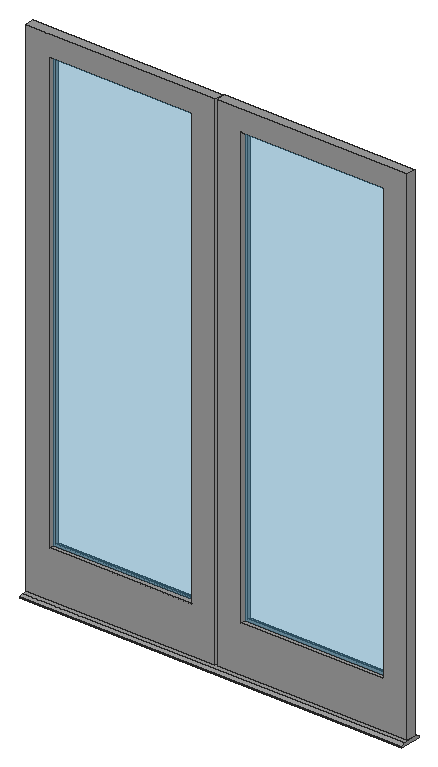
Revit family "ArmorDefend-Entrance-GearHinge-Pairs_Eng", category Curtain Panels, Revit 2017
Family settings
  OmniClass Number = 23.25.20.14.11.11.17
  OmniClass Title = Infill Panels
  Always vertical = Yes
  Cut with Voids When Loaded = No
  Shared = No
Parameters
  Width [instance] = 6' - 2"
  Wide Stile Entrance [instance] = not(Medium Stile Entrance)  # no
  URL = "obe.com"
  Rough Width [instance] = 6' - 0"
  Offset [instance] = 0' - 0"
  Model = "AO DOOR"
  Min Panel Width [instance] = if(Rough Width > 5' 11 255/256", Rough Width, 6' 0")  # 6' - 0"
  Medium Stile Entrance [instance] = yes
  Manufacturer = "Oldcastle BuildingEnvelope®"
  Keynote = "08 11 00"
  Height [instance] = 8' - 0"
  Glass Material = Glass
  Frame Material = Aluminum
  Door Panel Height [instance] = Height + 0' 0 1/2"  # 8' - 0 1/2"
  Description = "ArmorOne Medium/Wide Stile Entrance  - 7/16\" Infill"
  Assembly Code = "B2030"
  Analytic Construction = "<None>"
  8 Bottom Rail [instance] = yes
  10 Bottom Rail [instance] = not([8 Bottom Rail])  # no
Reference planes (in)
  plane 1 "Front": y = 0
  plane 2: z = 0
  plane 3 "Center (Left/Right)": x = 0
  plane 4 "Left": x = -37
  plane 5 "Right": x = 37
  plane 6 "Top": z = 96
  plane 7: x = -36
  plane 8: x = 36
Text (in)
  text "Exterior" at (-54.29358, 31.38743, 0), in view "Ref. Level"
  text "Exterior" at (480, 41.53993, 89.60405), in view "Right"
  text "Exterior" at (-240, 57.82419, 105.78864), in view "Left"
Dimensions and locks (in)
  equal spacing: plane 4 "Left", plane 3 "Center (Left/Right)", plane 5 "Right"
  "Width": plane 4 "Left" to plane 5 "Right"
  "Height": plane 6 "Top" to plane 2
  equal spacing: plane 7, plane 3 "Center (Left/Right)", plane 8
  "Min Panel Width": plane 7 to plane 8
  aligned and locked: level to plane 2
  aligned and locked: plane 3 "Center (Left/Right)" to nested 1
  aligned and locked: plane 1 "Front" to nested 1
Nested families (in)
  nested 1: "Double Door-Panel" at (0, -16, 0), Frame Material <- "Frame Material", Glass Material <- "Glass Material", 8 Bottom Rail <- "8 Bottom Rail", Width <- "Min Panel Width", Height <- "Door Panel Height", Offset <- "Offset", Medium Stile Entrance <- "Medium Stile Entrance", type "ArmorDefend Entrance-Double-1-Panel"
    with Wing Width 3' - 0", built-in parameter 1001301 6' - 0", Wide Stile Entrance no, Pushbar Height 3' - 5 1/4", Offset 0' - 0", Medium Stile Entrance yes, built-in parameter 1001300 8' - 0 1/2", Glass Material Glass, Frame Material Aluminum, Edge of meeting stiles 0' - 4 1/32", Edge of door panel 0' - 4 1/16", Bottom Rail 0' - 8 59/64", 8 Bottom Rail yes, 10 Bottom Rail no
Definition of nested family "Double Door-Panel"
  Parameters (values of type "MS-375 DOOR-Double-1-Panel")
    Wing Width [instance] = Width / 2  # 2' - 6"
    Width [instance] = 5' - 0"
    Wide Stile Entrance [instance] = not(Medium Stile Entrance)  # no
    Offset [instance] = 0' - 11.1405"
    Medium Stile Entrance [instance] = yes
    Height [instance] = 8' - 0"
    Pushbar Height [instance] = 3' - 5 1/4"  # constant formula
    Glass Material [instance] = none
    Frame Material [instance] = none
    Edge of meeting stiles [instance] = if(Medium Stile Entrance, 0' 4 1/32", if(Wide Stile Entrance, 0' 5 9/32", 0' 4 1/32"))  # 0' - 4 1/32"
    Edge of door panel [instance] = if(Medium Stile Entrance, 0' 4 1/16", if(Wide Stile Entrance, 0' 5 5/16", 0' 4 1/16"))  # 0' - 4 1/16"
    Bottom Rail [instance] = if([8 Bottom Rail], 0' 8 59/64", 0' 10 59/64")  # 0' - 8 59/64"
    Analytic Construction = "<None>"
    10 Bottom Rail [instance] = not([8 Bottom Rail])  # no
    8 Bottom Rail [instance] = yes
  Reference planes (in)
    plane 1 "00": y = 4.125
    plane 2: z = 0
    plane 3 "Center (Left/Right)": x = 0
    plane 4: z = 96
    plane 5: x = -30
    plane 6: x = 30
    plane 7 "Center (Front/Back)": y = 16
    plane 8 "Exterior": y = 4.5625
    plane 9: z = 48
    plane 10: z = 8.92187
    plane 11: z = 92.125
    plane 12: z = 0
    plane 13 "Offset": y = 4.8595
  Forms (in)
    Sweep 1, solid, material <- "Frame Material"
      path origin (0, 4.125, 0) x (1, 0, 0) y (0, 0, 1)
        loop
          line (-29.79555, 96) -> (-0.22004, 96)
      profile origin (-15.00779, 4.125, 96) x (0, 0, 1) y (0, -1, 0)
        loop
          line (-0.625, -0.672) -> (-0.625, 1.078) -> (-2.87093, 1.078) -> (-4.437, 1.078) -> (-4.437, 0.215) -> (-3.84375, 0.215) -> (-3.84375, -0.215) -> (-4.625, -0.215) -> (-4.625, -0.672) -> (-2.87093, -0.672) -> (-0.625, -0.672)
    Sweep 2, solid, material <- "Frame Material"
      path origin (0, 4.125, 0) x (1, 0, 0) y (0, 0, 1)
        loop
          line (-0.22004, 0) -> (-29.79555, 0)
      profile origin (-15.00779, 4.125, 0) x (0, 0, -1) y (0, -1, 0)
        loop
          line (-4.94906, -0.672) -> (-0.6875, -0.672) -> (-0.6875, 1.078) -> (-4.94906, 1.078) -> (-9.49949, 1.078) -> (-9.49949, 0.215) -> (-8.92187, 0.215) -> (-8.92187, -0.215) -> (-9.68749, -0.215) -> (-9.68749, -0.672) -> (-4.94906, -0.672)
    Sweep 3, solid, material <- "Frame Material"
      path origin (0, 4.125, 0) x (1, 0, 0) y (0, 0, 1)
        loop
          line (29.24042, 95.375) -> (29.24042, 0.6875)
      profile origin (29.24042, 4.125, 48.03125) x (0, -1, 0) y (1, 0, 0)
        loop
          line (-0.672, 0.55758) -> (-0.672, -1.45435) -> (-0.672, -4.08417) -> (-0.21513, -4.08417) -> (-0.21513, -3.30292) -> (0.215, -3.30292) -> (0.215, -3.89617) -> (1.078, -3.89617) -> (1.078, -1.45435) -> (1.078, 0.55683) -> (-0.672, 0.66583) -> (-0.672, 0.55758)
    Sweep 4, solid, material <- "Frame Material"
      path origin (0, 4.125, 0) x (1, 0, 0) y (0, 0, 1)
        loop
          line (-29.25, 95.375) -> (-29.25, 0.6875)
      profile origin (-29.25, 4.125, 48.03125) x (0, -1, 0) y (1, 0, 0)
        loop
          line (-0.672, -0.65455) -> (1.078, -0.54555) -> (1.078, 1.46393) -> (1.078, 3.90575) -> (0.215, 3.90575) -> (0.215, 3.3125) -> (-0.215, 3.3125) -> (-0.215, 4.09375) -> (-0.672, 4.09375) -> (-0.672, 1.46393) -> (-0.672, -0.65455)
    Sweep 5, solid, material <- "Frame Material"
      path origin (0, 4.125, 0) x (1, 0, 0) y (0, 0, 1)
        loop
          line (0, 95.375) -> (0, 0.6875)
      profile origin (0, 4.125, 48.03125) x (0, -1, 0) y (1, 0, 0)
        loop
          line (-0.672, -0.17438) -> (-0.672, -2.18343) -> (-0.672, -4.8125) -> (-0.21513, -4.8125) -> (-0.21513, -4.03125) -> (0.215, -4.03125) -> (0.215, -4.6245) -> (1.078, -4.6245) -> (1.078, -2.18343) -> (1.078, -0.22063)
          arc (1.078, -0.22063) -> (0.20714, -0.04083) -> (-0.672, -0.17438) r 2.52255
        loop
          arc (-0.672, 0.22063) -> (0.2073, 0.08458) -> (1.078, 0.26781) r 2.47882
          line (1.078, 0.26781) -> (1.078, 2.18343) -> (1.078, 4.6245) -> (0.215, 4.6245) -> (0.215, 4.03125) -> (-0.21513, 4.03125) -> (-0.21513, 4.8125) -> (-0.672, 4.8125) -> (-0.672, 2.18343) -> (-0.672, 0.22063)
    Sweep 6, solid, material <- "Frame Material"
      path origin (0, 4.125, 0) x (1, 0, 0) y (0, 0, 1)
        loop
          line (0.22004, 96) -> (29.79725, 96)
      profile origin (15.00864, 4.125, 96) x (0, 0, 1) y (0, -1, 0)
        loop
          line (-0.625, -0.672) -> (-0.625, 1.078) -> (-2.77706, 1.078) -> (-4.46825, 1.078) -> (-4.46825, 0.215) -> (-3.875, 0.215) -> (-3.875, -0.215) -> (-4.65625, -0.215) -> (-4.65625, -0.672) -> (-2.77706, -0.672) -> (-0.625, -0.672)
    Sweep 7, solid, material <- "Frame Material"
      path origin (0, 4.125, 0) x (1, 0, 0) y (0, 0, 1)
        loop
          line (29.79725, 0) -> (0.22004, 0)
      profile origin (15.00864, 4.125, 0) x (0, 0, -1) y (0, -1, 0)
        loop
          line (-3.49593, -0.672) -> (-0.6875, -0.672) -> (-0.6875, 1.078) -> (-3.49593, 1.078) -> (-9.49949, 1.078) -> (-9.49949, 0.215) -> (-8.92187, 0.215) -> (-8.92187, -0.215) -> (-9.68749, -0.215) -> (-9.68749, -0.672) -> (-3.49593, -0.672)
    Extrusion 8, solid, material <- "Glass Material", detail levels coarse
      sketch origin (0, 0, 0) x (1, 0, 0) y (0, 1, 0)
        loop
          line (4.03125, 4.34) -> (4.03125, 3.91) -> (25.9375, 3.91) -> (25.9375, 4.34) -> (4.03125, 4.34)
      from 92.125 to 8.92188
    Extrusion 9, solid, material <- "Glass Material", detail levels medium+fine
      sketch origin (0, 0, 0) x (1, 0, 0) y (0, 1, 0)
        loop
          line (4.03125, 3.91) -> (25.9375, 3.91) -> (25.9375, 4.035) -> (4.03125, 4.035) -> (4.03125, 3.91)
        loop
          line (25.9375, 4.34) -> (4.03125, 4.34) -> (4.03125, 4.215) -> (25.9375, 4.215) -> (25.9375, 4.34)
      from 8.92188 to 92.125
    Extrusion 10, solid, material <- "Glass Material", detail levels medium+fine
      sketch origin (0, 0, 0) x (1, 0, 0) y (0, 1, 0)
        loop
          line (-25.9375, 3.91) -> (-4.03125, 3.91) -> (-4.03125, 4.035) -> (-25.9375, 4.035) -> (-25.9375, 3.91)
        loop
          line (-4.03125, 4.34) -> (-25.9375, 4.34) -> (-25.9375, 4.215) -> (-4.03125, 4.215) -> (-4.03125, 4.34)
      from 8.92188 to 92.125
    Extrusion 11, solid, material <- "Glass Material", detail levels coarse
      sketch origin (0, 0, 0) x (1, 0, 0) y (0, 1, 0)
        loop
          line (-25.9375, 4.34) -> (-25.9375, 3.91) -> (-4.03125, 3.91) -> (-4.03125, 4.34) -> (-25.9375, 4.34)
      from 8.92188 to 92.125
    Sweep 12, solid, material <- "Frame Material"
      path origin (0, 4.8595, 0) x (1, 0, 0) y (0, 0, 1)
        loop
          line (-29.798, 0) -> (29.798, 0)
      profile origin (0, 4.8595, 0) x (0, 0, 1) y (0, -1, 0)
        loop
          line (0.5, 2.46847) -> (0.19362, 3.1255) -> (0, 3.1255) -> (0, -0.8745) -> (0.19362, -0.8745) -> (0.5, -0.21747) -> (0.5, 2.46847)
  Cuts and joins
    joined: Sweep 1, Sweep 2, Sweep 3, Sweep 4, Sweep 5, Sweep 6, Sweep 7
  Lines and regions (in)
    model lines
      curve 1: line (4.5625, 4.5625, 91.84375) -> (25.9375, 4.5625, 48.02216)
      curve 2: line (25.9375, 4.5625, 48.02216) -> (4.6245, 4.5625, 9.20312)
      curve 3: line (-4.8125, 4.5625, 91.84375) -> (-25.407, 4.5625, 48)
      curve 4: line (-25.407, 4.5625, 48) -> (-4.8125, 4.5625, 9.20312)
  Dimensions and locks (in)
    "Height": plane 4 to level
    equal spacing: plane 5, plane 3 "Center (Left/Right)", plane 6
    "Width": plane 5 to plane 6
    plane 1 "00" to plane 8 "Exterior" to plane 13 "Offset" = 0' - 0 7/16" locked, 0' - 0.297" locked
    equal spacing: level, plane 9, plane 4
    locked: plane 3 "Center (Left/Right)" to Sweep 2 sketch curve at 0.22004
    locked: Sweep 3 sketch curve to plane 4 at 0.625
    locked: Sweep 4 sketch curve to plane 4 at 0.625
    locked: plane 3 "Center (Left/Right)" to Sweep 1 sketch curve at 0.22004
    locked: Sweep 6 sketch curve to plane 3 "Center (Left/Right)" at 0.22004
    locked: Sweep 7 sketch curve to plane 3 "Center (Left/Right)" at 0.22004
    locked: Sweep 5 sketch curve to plane 4 at 0.625
    "Bottom Rail": plane 10 to plane 2
    locked: Sweep 7 sketch curve to plane 10 at 0.57761
    locked: Sweep 7 sketch curve to plane 10 at 0.76561
    locked: Sweep 2 sketch curve to plane 10 at 0.57761
    locked: Sweep 2 sketch curve to plane 10 at 0.76561
    equal spacing: plane 4, plane 9, plane 12
    locked: plane 11 to Sweep 6 sketch curve at 0.59325
    locked: plane 11 to Sweep 6 sketch curve at 0.78125
    locked: plane 4 to plane 11 at 3.875
    Extrusion 10 sketch curve to Extrusion 10 sketch curve to plane 1 "00" to Extrusion 10 sketch curve to Extrusion 10 sketch curve = 0' - 0 1/8" locked, 0' - 0.09" locked, 0' - 0.09" locked, 0' - 0 1/8" locked
    Extrusion 11 sketch curve to plane 1 "00" to Extrusion 11 sketch curve = 0' - 0.215" locked, 0' - 0.215" locked
    Extrusion 9 sketch curve to Extrusion 9 sketch curve to plane 1 "00" to Extrusion 9 sketch curve to Extrusion 9 sketch curve = 0' - 0 1/8" locked, 0' - 0.09" locked, 0' - 0.09" locked, 0' - 0 1/8" locked
    Extrusion 8 sketch curve to plane 1 "00" to Extrusion 8 sketch curve = 0' - 0.215" locked, 0' - 0.215" locked
    "Offset": plane 13 "Offset" to plane 7 "Center (Front/Back)"
    nested 1 to plane 1 "00" = 0' - 0 1/16"
    locked: plane 6 to Sweep 12 sketch curve at 0.202
    locked: Sweep 12 sketch curve to plane 5 at 0.202
    locked: Sweep 4 sketch curve to plane 12 at 0.6875
    locked: Sweep 5 sketch curve to plane 12 at 0.6875
    locked: Sweep 3 sketch curve to plane 12 at 0.6875
    nested 3 to plane 13 "Offset" = 0' - 0.797"
    "Edge of door panel": plane 5 to Sweep 4 sketch curve
    Sweep 4 sketch curve to Sweep 4 sketch curve to Sweep 4 sketch curve = 0' - 0.59325" locked, 0' - 0.188" locked
    "Edge of door panel": Sweep 3 sketch curve to plane 6
    Sweep 3 sketch curve to Sweep 3 sketch curve to Sweep 3 sketch curve = 0' - 0.188" locked, 0' - 0.59325" locked
    "Edge of meeting stiles": Sweep 5 sketch curve to plane 3 "Center (Left/Right)"
    "Edge of meeting stiles": plane 3 "Center (Left/Right)" to Sweep 5 sketch curve
    Sweep 5 sketch curve to Sweep 5 sketch curve to Sweep 5 sketch curve = 0' - 0.188" locked, 0' - 0.59325" locked
    Sweep 5 sketch curve to Sweep 5 sketch curve to Sweep 5 sketch curve = 0' - 0.59325" locked, 0' - 0.188" locked
    Sweep 4 sketch curve to Sweep 4 sketch curve to Sweep 4 sketch curve to Sweep 4 sketch curve to plane 13 "Offset" = 0' - 0.863" locked, 0' - 0.43" locked, 0' - 0.457" locked, 0' - 0 1/16" locked
    Sweep 5 sketch curve to Sweep 5 sketch curve to Sweep 5 sketch curve to Sweep 5 sketch curve to plane 13 "Offset" = 0' - 0.863" locked, 0' - 0.43012" locked, 0' - 0.45687" locked, 0' - 0 1/16" locked  (x2)
    Sweep 3 sketch curve to Sweep 3 sketch curve to Sweep 3 sketch curve to Sweep 3 sketch curve to plane 13 "Offset" = 0' - 0.863" locked, 0' - 0.43012" locked, 0' - 0.45687" locked, 0' - 0 1/16" locked
    locked: nested 3 to plane 1 "00" at 0.0625
    locked: nested 1 to plane 1 "00" at 0.0625
    aligned and locked: plane 2 to level
    aligned and locked: plane 3 "Center (Left/Right)" to nested 1
    aligned and locked: Sweep 1 sketch curve to plane 4
    aligned and locked: Sweep 2 sketch curve to level
    aligned and locked: level to nested 2
    aligned and locked: nested 2 to plane 1 "00"
    aligned and locked: plane 3 "Center (Left/Right)" to Sweep 5 sketch curve
    aligned and locked: Sweep 7 sketch curve to level
    aligned and locked: plane 4 to Sweep 6 sketch curve
    aligned and locked: Extrusion 10 to plane 10
    aligned and locked: Extrusion 11 to plane 10
    aligned and locked: Extrusion 9 to plane 10
    aligned and locked: Extrusion 8 to plane 10
    aligned and locked: plane 9 to curve 3
    aligned and locked: Sweep 12 sketch curve to plane 12
    aligned and locked: plane 3 "Center (Left/Right)" to nested 3
    aligned and locked: Sweep 7 sketch curve to plane 10
    aligned and locked: Extrusion 9 to Sweep 3  (x2)
    aligned and locked: Extrusion 9 to Sweep 5  (x2)
    aligned and locked: Extrusion 8 to Sweep 5
    aligned and locked: Extrusion 8 to Sweep 3
    aligned and locked: Extrusion 10 to Sweep 5  (x2)
    aligned and locked: Extrusion 10 to Sweep 4  (x2)
    aligned and locked: Extrusion 11 to Sweep 5
    aligned and locked: Extrusion 11 to Sweep 4
    aligned and locked: plane 11 to Extrusion 11
    aligned and locked: plane 11 to Extrusion 10
    aligned and locked: plane 11 to Sweep 6 sketch curve
    aligned and locked: plane 11 to Extrusion 9
    aligned and locked: plane 11 to Extrusion 8
  Automatic sketch dimensions
    plane 3 "Center (Left/Right)" to Extrusion 8 sketch curve = 0' - 4 1/32"
    plane 3 "Center (Left/Right)" to Extrusion 9 sketch curve = 0' - 4 1/32"
    Extrusion 9 sketch curve to Extrusion 9 sketch curve = 0' - 0"  (x2)
    Extrusion 10 sketch curve to Extrusion 10 sketch curve = 0' - 0"  (x2)
    Extrusion 10 sketch curve to plane 3 "Center (Left/Right)" = 0' - 4 1/32"
    Extrusion 11 sketch curve to plane 3 "Center (Left/Right)" = 0' - 4 1/32"
    plane 5 to Sweep 1 sketch curve = 0' - 0.20445"
    plane 5 to Sweep 2 sketch curve = 0' - 0.20445"
    Sweep 3 sketch curve to plane 6 = 0' - 0.75958"
    plane 5 to Sweep 4 sketch curve = 0' - 0 3/4"
    Sweep 6 sketch curve to plane 6 = 0' - 0.20275"
    Sweep 7 sketch curve to plane 6 = 0' - 0.20275"
    Extrusion 8 sketch curve to plane 6 = 0' - 4 1/16"
    Extrusion 9 sketch curve to plane 6 = 0' - 4 1/16"
    plane 5 to Extrusion 10 sketch curve = 0' - 4 1/16"
    plane 5 to Extrusion 11 sketch curve = 0' - 4 1/16"
    plane 5 to curve 3 = 0' - 4.593"
    plane 9 to curve 2 = 0' - 0.02216"
    curve 1 to plane 11 = 0' - 0 9/32"
    plane 3 "Center (Left/Right)" to curve 1 = 0' - 4 9/16"
    plane 10 to curve 4 = 0' - 0 9/32"
    plane 10 to curve 2 = 0' - 0 9/32"
    curve 3 to plane 11 = 0' - 0 9/32"
    curve 4 to plane 3 "Center (Left/Right)" = 0' - 4 13/16"
    curve 3 to plane 3 "Center (Left/Right)" = 0' - 4 13/16"
    plane 3 "Center (Left/Right)" to curve 2 = 0' - 4.6245"
    curve 2 to plane 6 = 0' - 4 1/16"
    Sweep 1 sketch curve to plane 1 "00" = 0' - 0.215"
    profile plane to Sweep 1 sketch curve = 0' - 4 5/8"
    plane 1 "00" to Sweep 1 sketch curve = 0' - 0.215"
    Sweep 1 sketch curve to Sweep 1 sketch curve = 0' - 0.188"
    Sweep 1 sketch curve to Sweep 1 sketch curve = 0' - 0.59325"
    Sweep 1 sketch curve to Sweep 1 sketch curve = 0' - 0.97282"  (x2)
    profile plane to Sweep 1 sketch curve = 0' - 0 5/8"
    Sweep 1 sketch curve to plane 1 "00" = 0' - 0.672"
    plane 1 "00" to Sweep 1 sketch curve = 0' - 1.078"
    Sweep 6 sketch curve to Sweep 6 sketch curve = 0' - 1.09794"  (x2)
    profile plane to Sweep 6 sketch curve = 0' - 0 5/8"
    Sweep 6 sketch curve to plane 1 "00" = 0' - 0.672"
    Sweep 6 sketch curve to plane 1 "00" = 0' - 0.215"
    plane 1 "00" to Sweep 6 sketch curve = 0' - 0.215"
    plane 1 "00" to Sweep 6 sketch curve = 0' - 1.078"
    plane 1 "00" to Sweep 7 sketch curve = 0' - 1.078"
    profile plane to Sweep 7 sketch curve = 0' - 3.49593"
    Sweep 7 sketch curve to plane 1 "00" = 0' - 0.672"
    Sweep 7 sketch curve to Sweep 7 sketch curve = 0' - 0"
    profile plane to Sweep 7 sketch curve = 0' - 0 11/16"
    Sweep 7 sketch curve to plane 1 "00" = 0' - 0.215"
    plane 1 "00" to Sweep 7 sketch curve = 0' - 0.215"
    plane 1 "00" to Sweep 2 sketch curve = 0' - 0.215"
    Sweep 2 sketch curve to Sweep 2 sketch curve = 0' - 0.57761"
    plane 1 "00" to Sweep 2 sketch curve = 0' - 1.078"
    Sweep 2 sketch curve to Sweep 2 sketch curve = 0' - 3.97282"
    Sweep 2 sketch curve to plane 1 "00" = 0' - 0.672"
    Sweep 2 sketch curve to Sweep 2 sketch curve = 0' - 0"
    profile plane to Sweep 2 sketch curve = 0' - 0 11/16"
    Sweep 2 sketch curve to plane 1 "00" = 0' - 0.215"
    profile plane to Sweep 12 sketch curve = 0' - 0"
    Sweep 12 sketch curve to Sweep 12 sketch curve = 0' - 0.19362"  (x2)
    Sweep 12 sketch curve to plane 13 "Offset" = 0' - 0.21747"
    Sweep 12 sketch curve to profile plane = 0' - 0 1/2"
    Sweep 12 sketch curve to plane 13 "Offset" = 0' - 0.8745"
    plane 13 "Offset" to Sweep 12 sketch curve = 0' - 3.1255"
    Sweep 12 sketch curve to Sweep 12 sketch curve = 0' - 0.65703"
    profile plane to Sweep 3 sketch curve = 0' - 1.45435"  (x2)
    Sweep 3 sketch curve to profile plane = 0' - 0.55683"
    Sweep 3 sketch curve to profile plane = 0' - 0.55758"
    Sweep 3 sketch curve to Sweep 3 sketch curve = 0' - 0.10825"
    Sweep 4 sketch curve to profile plane = 0' - 1.46393"  (x2)
    profile plane to Sweep 4 sketch curve = 0' - 0.54555"
    profile plane to Sweep 4 sketch curve = 0' - 0.65455"
    plane 1 "00" to Sweep 5 sketch curve = 0' - 0.1405"  (x2)
    Sweep 5 sketch curve to Sweep 5 sketch curve = 0' - 1 15/32"
    Sweep 5 sketch curve to Sweep 5 sketch curve = 0' - 0.37907"  (x4)
    profile plane to Sweep 5 sketch curve = 0' - 0.22063"
    Sweep 5 sketch curve to profile plane = 0' - 0.22063"
    Sweep 5 sketch curve to profile plane = 0' - 0.26781"
  Nested families (in)
    nested 1: "M Stile-Double Door-Plan View" at (0, 4.0625, 0), Width <- "Width", Wing Width <- "Wing Width", visible <- "Medium Stile Entrance", type "M Stile-Double Door-Plan View"
      with Wing Width 2' - 6", Width 5' - 0"
    nested 2: "Door Section" at (0, 4.125, 0) x (0, -1, 0) z (1, 0, 0), Height <- "Height", 8 Bottom Rail <- "8 Bottom Rail", type "Door Section"
      with Height 8' - 0", Bottom Rail 0' - 8 59/64", 8 Bottom Rail yes, 10 Bottom Rail no
    nested 3: "W Stile-Double Door-Plan View" at (0, 4.0625, 0), Width <- "Width", visible <- "Wide Stile Entrance", type "W Stile-Double Door-Plan View"
      with Wing Width 2' - 6", Width 5' - 0"
  Definition of nested family "M Stile-Double Door-Plan View"
    Parameters (values of type "M Stile-Double Door-Plan View")
      Wing Width [instance] = Width / 2  # 2' - 0"
      Width [instance] = 4' - 0"
    Reference planes (in)
      plane 1 "Center (Front/Back)": y = 0
      plane 2: z = 0
      plane 3 "Center (Left/Right)": x = 0
      plane 4: x = -24
      plane 5: x = 24
      plane 6: x = -22.68437
      plane 7: x = 22.68437
    Lines and regions (in)
      Filled region 1, type "Solid Fill - Black", in view "Ref. Level", detail levels fine
        outline origin (0, 0, 0) x (1, 0, 0) y (0, 1, 0)
          loop
            line (22.59437, 19.96875) -> (22.59437, 5.31227) -> (22.77437, 5.31227) -> (22.77437, 19.96875) -> (22.59437, 19.96875)
      Filled region 2, type "Solid Fill - Black", in view "Ref. Level", detail levels fine
        outline origin (0, 0, 0) x (1, 0, 0) y (0, 1, 0)
          loop
            line (-22.77437, 19.96875) -> (-22.77437, 5.31227) -> (-22.59437, 5.31227) -> (-22.59437, 19.96875) -> (-22.77437, 19.96875)
      detail lines, in view "Ref. Level"
        curve 1: arc (0.0625, 0, 0) -> (6.14768, 15.94674, 0) -> (21.30937, 23.7858, 0) r 23.9375
        curve 2: arc (-0.0625, 0, 0) -> (-6.14768, 15.94674, 0) -> (-21.30937, 23.7858, 0) r 23.9375
        curve 3: line (-22.89937, 19.91792, 0) -> (-22.89937, 5.31227, 0)
        curve 6: line (-22.46937, 19.91792, 0) -> (-22.46937, 5.31227, 0)
        curve 15: line (22.46937, 19.91792, 0) -> (22.46937, 5.31227, 0)
        curve 18: line (22.89937, 19.91792, 0) -> (22.89937, 5.31227, 0)
      detail lines, in view "Ref. Level", detail levels medium+fine
        curve 4: line (-22.77437, 19.91792, 0) -> (-22.77437, 5.31227, 0)
        curve 5: line (-22.59437, 19.91792, 0) -> (-22.59437, 5.31227, 0)
        curve 16: line (22.59437, 19.91792, 0) -> (22.59437, 5.31227, 0)
        curve 17: line (22.77437, 19.91792, 0) -> (22.77437, 5.31227, 0)
      detail lines, in view "Ref. Level", not visible
        curve 7: line (-19.68825, 0.5, 0) -> (-4.28125, 0.5, 0)
        curve 8: line (-19.68825, -0.252, 0) -> (-4.28125, -0.252, 0)
        curve 9: line (-19.68825, -0.5, 0) -> (-4.28125, -0.5, 0)
        curve 10: line (-19.68825, 0.252, 0) -> (-4.28125, 0.252, 0)
        curve 11: line (4.28125, 0.5, 0) -> (19.68825, 0.5, 0)
        curve 12: line (19.68825, 0.252, 0) -> (4.28125, 0.252, 0)
        curve 13: line (4.28125, -0.252, 0) -> (19.68825, -0.252, 0)
        curve 14: line (19.68825, -0.5, 0) -> (4.28125, -0.5, 0)
    Dimensions and locks (in)
      equal spacing: plane 4, plane 3 "Center (Left/Right)", plane 5
      "Wing Width": plane 1 "Center (Front/Back)" to nested 1
      "Wing Width": plane 1 "Center (Front/Back)" to nested 2
      locked: plane 1 "Center (Front/Back)" to nested 4 at 1.00023
      locked: nested 5 to plane 1 "Center (Front/Back)" at 1.00023
      locked: plane 4 to plane 6 at 1.31563
      locked: plane 7 to plane 5 at 1.31563
      "Width": plane 4 to plane 5
      plane 5 to nested 6 to nested 3 = 0' - 2 1/4" locked, 0' - 0" locked
      nested 8 to nested 7 to plane 4 = 0' - 0" locked, 0' - 2 1/4" locked
      locked: plane 5 to nested 3 at 2.25
      locked: nested 6 to plane 1 "Center (Front/Back)" at 0.1118
      locked: nested 7 to plane 1 "Center (Front/Back)" at 0.1118
      aligned and locked: plane 1 "Center (Front/Back)" to nested 3
      aligned and locked: nested 2 to plane 6
      aligned and locked: plane 6 to nested 5
      aligned and locked: nested 8 to plane 1 "Center (Front/Back)"
      aligned and locked: nested 1 to plane 7
      aligned and locked: plane 7 to nested 4
      aligned and locked: nested 9 to plane 1 "Center (Front/Back)"
      aligned and locked: nested 9 to plane 3 "Center (Left/Right)"
      aligned and locked: curve 16 to nested 1
      aligned and locked: nested 1 to curve 17
      aligned and locked: curve 15 to nested 1
      aligned and locked: curve 18 to nested 4
      aligned and locked: curve 6 to nested 5
      aligned and locked: curve 5 to nested 5
      aligned and locked: curve 4 to nested 5
      aligned and locked: curve 3 to nested 5
      aligned and locked: Filled region 1 sketch curve to curve 16
      aligned and locked: Filled region 1 sketch curve to curve 17
      aligned and locked: Filled region 1 sketch curve to nested 4
      aligned and locked: nested 1 to Filled region 1 sketch curve
      aligned and locked: Filled region 2 sketch curve to curve 4
      aligned and locked: Filled region 2 sketch curve to curve 5
      aligned and locked: nested 5 to Filled region 2 sketch curve
      aligned and locked: Filled region 2 sketch curve to nested 2
    Automatic sketch dimensions
      plane 1 "Center (Front/Back)" to curve 2 = 0' - 0"
      curve 2 to plane 4 = 0' - 0"
      plane 1 "Center (Front/Back)" to curve 1 = 0' - 0"
      curve 1 to plane 5 = 0' - 0"
      curve 2 to plane 6 = 0' - 1 3/8"
      curve 7 to plane 1 "Center (Front/Back)" = 0' - 0 1/2"
      curve 7 to plane 6 = 0' - 2.99612"
      curve 9 to curve 7 = 0' - 0"
      curve 10 to curve 7 = 0' - 0"  (x2)
      curve 8 to curve 9 = 0' - 0"  (x2)
      curve 7 to plane 3 "Center (Left/Right)" = 0' - 4 9/32"
      curve 9 to curve 10 = 0' - 0"
      curve 2 to plane 3 "Center (Left/Right)" = 0' - 0 1/16"
      plane 3 "Center (Left/Right)" to curve 1 = 0' - 0 1/16"
      curve 12 to plane 1 "Center (Front/Back)" = 0' - 0.252"
      curve 1 to curve 12 = 0' - 4 7/32"
      curve 14 to curve 12 = 0' - 0"
      curve 11 to curve 12 = 0' - 0"  (x2)
      curve 13 to curve 14 = 0' - 0"  (x2)
      plane 1 "Center (Front/Back)" to curve 14 = 0' - 0 1/2"
      plane 7 to curve 14 = 0' - 2.99612"
      curve 12 to curve 14 = 0' - 0"
      plane 7 to curve 1 = 0' - 1 3/8"
      plane 1 "Center (Front/Back)" to curve 8 = 0' - 0.252"
      curve 14 to curve 13 = 0' - 0.248"
      curve 9 to curve 8 = 0' - 0.248"
      curve 10 to curve 7 = 0' - 0.248"
      curve 12 to curve 11 = 0' - 0.248"
      curve 6 to plane 1 "Center (Front/Back)" = 0' - 5.31227"
      curve 5 to curve 6 = 0' - 0"  (x2)
      curve 16 to plane 1 "Center (Front/Back)" = 0' - 5.31227"
      curve 16 to curve 17 = 0' - 0"
      curve 4 to curve 5 = 0' - 0"
      curve 17 to curve 18 = 0' - 0"  (x2)
      curve 3 to curve 4 = 0' - 0"  (x2)
      curve 15 to curve 16 = 0' - 0"  (x2)
      curve 4 to curve 2 = 0' - 3.86788"
      curve 18 to curve 1 = 0' - 3.86788"
      curve 15 to curve 18 = 0' - 0"
      curve 4 to curve 6 = 0' - 0"
    Nested families (in)
      nested 1: "M STILE-R-DI" at (22.68437, 24, 0) x (0, 1, 0) z (0, 0, 1), type "M STILE-R-DI", in view "Ref. Level"
      nested 2: "M STILE-L-DI" at (-22.68437, 24, 0) x (0, 1, 0) z (0, 0, 1), type "M STILE-L-DI", in view "Ref. Level"
      nested 3: "STILE-DI" at (26.25, 0, 0), type "STILE-DI", in view "Ref. Level", not visible
      nested 4: "STILE-DI" at (22.68437, -1.00023, 0) x (0, -1, 0) z (0, 0, 1), type "STILE-DI", in view "Ref. Level"
      nested 5: "STILE-DI" at (-22.68437, -1.00023, 0) x (0, -1, 0) z (0, 0, 1), type "STILE-DI", in view "Ref. Level"
      nested 6: "Hinge_Fine 1" at (26.25, -0.1118, 0) x (-1, 0, 0) z (0, 0, 1), type "Hinge_Fine 1", in view "Ref. Level"
      nested 7: "Hinge_Fine 1" at (-26.25, -0.1118, 0), type "Hinge_Fine 1", in view "Ref. Level"
      nested 8: "STILE-DI" at (-26.25, 0, 0) x (-1, 0, 0) z (0, 0, 1), type "STILE-DI", in view "Ref. Level", not visible
      nested 9: "M STILE@PAIR-DI" at (0, 0, 0) x (-1, 0, 0) z (0, 0, 1), type "M STILE@PAIR-DI", in view "Ref. Level", not visible
    Definition of nested family "M STILE-R-DI"
      Reference planes (in)
        plane 1 "Center (Front/Back)": y = 0
        plane 2: z = 0
        plane 3 "Center (Left/Right)": x = 0
    Definition of nested family "M STILE-L-DI"
      Reference planes (in)
        plane 1 "Center (Front/Back)": y = 0
        plane 2: z = 0
        plane 3 "Center (Left/Right)": x = 0
    Definition of nested family "STILE-DI"
      Reference planes (in)
        plane 1 "Center (Front/Back)": y = 0
        plane 2: z = 0
        plane 3 "Center (Left/Right)": x = 0
    Definition of nested family "Hinge_Fine 1"
      Reference planes (in)
        plane 1 "Center (Front/Back)": y = 0
        plane 2: z = 0
        plane 3 "Center (Left/Right)": x = 0
    Definition of nested family "M STILE@PAIR-DI"
      Reference planes (in)
        plane 1 "Center (Front/Back)": y = 0
        plane 2: z = 0
        plane 3 "Center (Left/Right)": x = 0
  Definition of nested family "Door Section"
    Parameters (values of type "Door Section")
      Height [instance] = 4' - 0"
      Bottom Rail [instance] = if([10 Bottom Rail], 0' 10 59/64", 0' 8 59/64")  # 0' - 10 59/64"
      8 Bottom Rail [instance] = no
      10 Bottom Rail [instance] = not([8 Bottom Rail])  # yes
    Reference planes (in)
      plane 1 "Center (Front/Back)": y = 0
      plane 2: z = 0
      plane 3 "Center (Left/Right)": x = 0
      plane 4: y = 44.125
      plane 5: y = 48
      plane 6: y = 10.92188
    Lines and regions (in)
      Filled region 1, type "Solid Fill - Black", in view "Ref. Level", detail levels fine
        outline origin (0, 0, 0) x (1, 0, 0) y (0, 1, 0)
          loop
            line (-0.09, 44.125) -> (-0.09, 10.92188) -> (0.09, 10.92188) -> (0.09, 44.125) -> (-0.09, 44.125)
      detail lines, in view "Ref. Level"
        curve 1: line (-0.215, 44.125, 0) -> (-0.215, 10.92188, 0)
        curve 4: line (0.215, 44.125, 0) -> (0.215, 10.92188, 0)
      detail lines, in view "Ref. Level", detail levels medium+fine
        curve 2: line (-0.09, 44.125, 0) -> (-0.09, 10.92188, 0)
        curve 3: line (0.09, 44.125, 0) -> (0.09, 10.92188, 0)
    Dimensions and locks (in)
      nested 1 to plane 5 to plane 4 = 0' - 2 31/32" locked, 0' - 3 7/8" locked
      "Bottom Rail": plane 1 "Center (Front/Back)" to plane 6
      "Height": plane 1 "Center (Front/Back)" to plane 5
      plane 1 "Center (Front/Back)" to nested 2 to nested 3 = 0' - 8.92224" locked, 0' - 2" locked
      aligned and locked: plane 3 "Center (Left/Right)" to nested 1
      aligned and locked: plane 3 "Center (Left/Right)" to nested 2
      aligned and locked: plane 3 "Center (Left/Right)" to nested 3
      aligned and locked: plane 4 to curve 1
      aligned and locked: plane 4 to curve 2
      aligned and locked: plane 4 to curve 3
      aligned and locked: plane 4 to curve 4
      aligned and locked: plane 6 to curve 1
      aligned and locked: plane 6 to curve 2
      aligned and locked: plane 6 to curve 3
      aligned and locked: plane 6 to curve 4
      aligned and locked: Filled region 1 sketch curve to curve 2
      aligned and locked: curve 3 to Filled region 1 sketch curve
      aligned and locked: Filled region 1 sketch curve to plane 6
      aligned and locked: Filled region 1 sketch curve to plane 4
    Automatic sketch dimensions
      curve 1 to plane 3 "Center (Left/Right)" = 0' - 0.215"
      plane 3 "Center (Left/Right)" to curve 3 = 0' - 0.09"
      curve 1 to curve 2 = 0' - 0 1/8"
      curve 3 to curve 4 = 0' - 0 1/8"
    Nested families (in)
      nested 1: "TOP RAIL-DI" at (0, 50.96875, 0), type "TOP RAIL-DI", in view "Ref. Level"
      nested 2: "BOT RAIL-8-DI" at (0, 8.92224, 0), visible <- "8 Bottom Rail", type "BOT RAIL-8-DI", in view "Ref. Level"
      nested 3: "BOT RAIL-10-DI" at (0, 10.92224, 0), visible <- "10 Bottom Rail", type "BOT RAIL-10-DI", in view "Ref. Level"
    Definition of nested family "TOP RAIL-DI"
      Reference planes (in)
        plane 1 "Center (Front/Back)": y = 0
        plane 2: z = 0
        plane 3 "Center (Left/Right)": x = 0
    Definition of nested family "BOT RAIL-8-DI"
      Reference planes (in)
        plane 1 "Center (Front/Back)": y = 0
        plane 2: z = 0
        plane 3 "Center (Left/Right)": x = 0
    Definition of nested family "BOT RAIL-10-DI"
      Reference planes (in)
        plane 1 "Center (Front/Back)": y = 0
        plane 2: z = 0
        plane 3 "Center (Left/Right)": x = 0
  Definition of nested family "W Stile-Double Door-Plan View"
    Parameters (values of type "W Stile-Double Door-Plan View")
      Wing Width [instance] = Width / 2  # 3' - 0"
      Width [instance] = 6' - 0"
    Reference planes (in)
      plane 1 "Center (Front/Back)": y = 0
      plane 2: z = 0
      plane 3 "Center (Left/Right)": x = 0
      plane 4: x = -36
      plane 5: x = 36
      plane 6: x = -34.68437
      plane 7: x = 34.68437
    Lines and regions (in)
      Filled region 1, type "Solid Fill - Black", in view "Ref. Level", detail levels fine
        outline origin (0, 0, 0) x (1, 0, 0) y (0, 1, 0)
          loop
            line (34.59437, 30.71875) -> (34.59437, 6.56227) -> (34.77437, 6.56227) -> (34.77437, 30.71875) -> (34.59437, 30.71875)
      Filled region 2, type "Solid Fill - Black", in view "Ref. Level", detail levels fine
        outline origin (0, 0, 0) x (1, 0, 0) y (0, 1, 0)
          loop
            line (-34.77437, 30.71875) -> (-34.77437, 6.56227) -> (-34.59437, 6.56227) -> (-34.59437, 30.71875) -> (-34.77437, 30.71875)
      detail lines, in view "Ref. Level"
        curve 1: arc (0.0625, 0, 0) -> (9.65424, 24.44186, 0) -> (33.30937, 35.83663, 0) r 35.9375
        curve 2: arc (-0.0625, 0, 0) -> (-9.65424, 24.44186, 0) -> (-33.30937, 35.83663, 0) r 35.9375
        curve 11: line (-34.46937, 30.71875, 0) -> (-34.46937, 6.56227, 0)
        curve 14: line (-34.89937, 30.71875, 0) -> (-34.89937, 6.56227, 0)
        curve 15: line (34.89937, 30.71875, 0) -> (34.89937, 6.56227, 0)
        curve 18: line (34.46937, 30.71875, 0) -> (34.46937, 6.56227, 0)
      detail lines, in view "Ref. Level", not visible
        curve 3: line (-30.6875, 0.215, 0) -> (-5.28125, 0.215, 0)
        curve 4: line (-30.6875, -0.09, 0) -> (-5.28125, -0.09, 0)
        curve 5: line (-30.6875, -0.215, 0) -> (-5.28125, -0.215, 0)
        curve 6: line (-30.6875, 0.09, 0) -> (-5.28125, 0.09, 0)
        curve 7: line (5.28125, 0.215, 0) -> (30.6875, 0.215, 0)
        curve 8: line (30.6875, 0.09, 0) -> (5.28125, 0.09, 0)
        curve 9: line (5.28125, -0.09, 0) -> (30.6875, -0.09, 0)
        curve 10: line (30.6875, -0.215, 0) -> (5.28125, -0.215, 0)
      detail lines, in view "Ref. Level", detail levels medium+fine
        curve 12: line (-34.59437, 30.71875, 0) -> (-34.59437, 6.56227, 0)
        curve 13: line (-34.77437, 30.71875, 0) -> (-34.77437, 6.56227, 0)
        curve 16: line (34.77437, 30.71875, 0) -> (34.77437, 6.56227, 0)
        curve 17: line (34.59437, 30.71875, 0) -> (34.59437, 6.56227, 0)
    Dimensions and locks (in)
      equal spacing: plane 4, plane 3 "Center (Left/Right)", plane 5
      "Wing Width": plane 1 "Center (Front/Back)" to nested 1
      "Wing Width": plane 1 "Center (Front/Back)" to nested 2
      locked: plane 4 to plane 6 at 1.31563
      locked: plane 7 to plane 5 at 1.31563
      "Width": plane 4 to plane 5
      plane 5 to nested 4 to nested 3 = 0' - 2 1/4" locked, 0' - 0" locked
      nested 6 to nested 5 to plane 4 = 0' - 0" locked, 0' - 2 1/4" locked
      locked: plane 5 to nested 3 at 2.25
      locked: nested 4 to plane 1 "Center (Front/Back)" at 0.1118
      locked: nested 5 to plane 1 "Center (Front/Back)" at 0.1118
      locked: nested 1 to Filled region 1 at 5.28125
      locked: nested 8 to plane 1 "Center (Front/Back)" at 1.00023
      locked: nested 2 to Filled region 2 at 5.28125
      locked: nested 9 to plane 1 "Center (Front/Back)" at 1.00023
      aligned and locked: plane 1 "Center (Front/Back)" to nested 3
      aligned and locked: nested 2 to plane 6
      aligned and locked: nested 6 to plane 1 "Center (Front/Back)"
      aligned and locked: nested 1 to plane 7
      aligned and locked: nested 7 to plane 1 "Center (Front/Back)"
      aligned and locked: nested 7 to plane 3 "Center (Left/Right)"
      aligned and locked: curve 8 to nested 3
      aligned and locked: curve 7 to nested 3
      aligned and locked: curve 9 to nested 3
      aligned and locked: curve 10 to nested 3
      aligned and locked: curve 6 to nested 7
      aligned and locked: curve 3 to nested 7
      aligned and locked: curve 4 to nested 7
      aligned and locked: curve 5 to nested 7
      aligned and locked: curve 11 to nested 2
      aligned and locked: nested 2 to curve 12
      aligned and locked: nested 2 to curve 13
      aligned and locked: nested 2 to curve 14
      aligned and locked: nested 1 to curve 15
      aligned and locked: nested 1 to curve 16
      aligned and locked: nested 1 to curve 17
      aligned and locked: curve 18 to nested 1
      aligned and locked: plane 7 to nested 8
      aligned and locked: plane 6 to nested 9
    Automatic sketch dimensions
      plane 1 "Center (Front/Back)" to curve 2 = 0' - 0"
      curve 2 to plane 4 = 0' - 0"
      plane 1 "Center (Front/Back)" to curve 1 = 0' - 0"
      curve 1 to plane 5 = 0' - 0"
      plane 6 to curve 14 = 0' - 0.215"
      plane 6 to curve 13 = 0' - 0.09"
      curve 12 to plane 6 = 0' - 0.09"
      curve 12 to curve 11 = 0' - 0 1/8"
      curve 2 to plane 6 = 0' - 1 3/8"
      curve 3 to plane 6 = 0' - 3.99687"
      curve 6 to curve 3 = 0' - 0"  (x2)
      curve 4 to curve 6 = 0' - 0"
      curve 5 to curve 4 = 0' - 0"
      curve 3 to plane 3 "Center (Left/Right)" = 0' - 5 9/32"
      curve 5 to curve 6 = 0' - 0"
      curve 4 to curve 5 = 0' - 0"
      curve 2 to plane 3 "Center (Left/Right)" = 0' - 0 1/16"
      plane 3 "Center (Left/Right)" to curve 1 = 0' - 0 1/16"
      curve 1 to curve 9 = 0' - 5 7/32"
      curve 10 to curve 9 = 0' - 0"
      curve 8 to curve 9 = 0' - 0"
      curve 7 to curve 8 = 0' - 0"  (x2)
      plane 7 to curve 10 = 0' - 3.99687"
      curve 8 to curve 10 = 0' - 0"
      curve 9 to curve 10 = 0' - 0"
      plane 7 to curve 1 = 0' - 1 3/8"
      plane 7 to curve 18 = 0' - 0.215"
      plane 7 to curve 17 = 0' - 0.09"
      curve 16 to plane 7 = 0' - 0.09"
      curve 16 to curve 15 = 0' - 0 1/8"
      plane 7 to Filled region 1 sketch curve = 0' - 0.09"
      Filled region 1 sketch curve to plane 7 = 0' - 0.09"
      Filled region 1 sketch curve to plane 1 "Center (Front/Back)" = 0' - 6.56227"
      Filled region 1 sketch curve to Filled region 1 sketch curve = 2' - 0.15648"
      curve 17 to plane 1 "Center (Front/Back)" = 0' - 6.56227"
      curve 17 to curve 16 = 0' - 0"
      curve 16 to curve 15 = 0' - 0"
      curve 18 to curve 17 = 0' - 0"
      plane 6 to Filled region 2 sketch curve = 0' - 0.09"
      Filled region 2 sketch curve to plane 6 = 0' - 0.09"
      Filled region 2 sketch curve to plane 1 "Center (Front/Back)" = 0' - 6.56227"
      Filled region 2 sketch curve to Filled region 2 sketch curve = 2' - 0.15648"
      curve 11 to plane 1 "Center (Front/Back)" = 0' - 6.56227"
      curve 14 to curve 11 = 0' - 0"
      curve 12 to curve 11 = 0' - 0"
      curve 14 to curve 13 = 0' - 0"
    Nested families (in)
      nested 1: "M STILE-R-DI.dwg" at (34.68437, 36, 0) x (0, 1, 0) z (0, 0, 1), type "M STILE-R-DI", in view "Ref. Level"
      nested 2: "M STILE-L-DI.dwg" at (-34.68437, 36, 0) x (0, 1, 0) z (0, 0, 1), type "M STILE-L-DI", in view "Ref. Level"
      nested 3: "STILE-DI" at (38.25, 0, 0), type "STILE-DI", in view "Ref. Level", not visible
      nested 4: "Hinge_Fine 1" at (38.25, -0.1118, 0) x (-1, 0, 0) z (0, 0, 1), type "Hinge_Fine 1", in view "Ref. Level"
      nested 5: "Hinge_Fine 1" at (-38.25, -0.1118, 0), type "Hinge_Fine 1", in view "Ref. Level"
      nested 6: "STILE-DI" at (-38.25, 0, 0) x (-1, 0, 0) z (0, 0, 1), type "STILE-DI", in view "Ref. Level", not visible
      nested 7: "M STILE@PAIR-DI.dwg" at (0, 0, 0) x (-1, 0, 0) z (0, 0, 1), type "M STILE@PAIR-DI", in view "Ref. Level", not visible
      nested 8: "STILE-DI" at (34.68437, -1.00023, 0) x (0, -1, 0) z (0, 0, 1), type "STILE-DI", in view "Ref. Level"
      nested 9: "STILE-DI" at (-34.68437, -1.00023, 0) x (0, -1, 0) z (0, 0, 1), type "STILE-DI", in view "Ref. Level"
    Definition of nested family "M STILE-R-DI.dwg"
      Reference planes (in)
        plane 1 "Center (Front/Back)": y = 0
        plane 2: z = 0
        plane 3 "Center (Left/Right)": x = 0
    Definition of nested family "M STILE-L-DI.dwg"
      Types (2): name
        M STILE-L-DI.dwg
        M STILE-L-DI
      Reference planes (in)
        plane 1 "Center (Front/Back)": y = 0
        plane 2: z = 0
        plane 3 "Center (Left/Right)": x = 0
    Definition of nested family "STILE-DI"
      Reference planes (in)
        plane 1 "Center (Front/Back)": y = 0
        plane 2: z = 0
        plane 3 "Center (Left/Right)": x = 0
    Definition of nested family "Hinge_Fine 1"
      Reference planes (in)
        plane 1 "Center (Front/Back)": y = 0
        plane 2: z = 0
        plane 3 "Center (Left/Right)": x = 0
    Definition of nested family "M STILE@PAIR-DI.dwg"
      Reference planes (in)
        plane 1 "Center (Front/Back)": y = 0
        plane 2: z = 0
        plane 3 "Center (Left/Right)": x = 0
